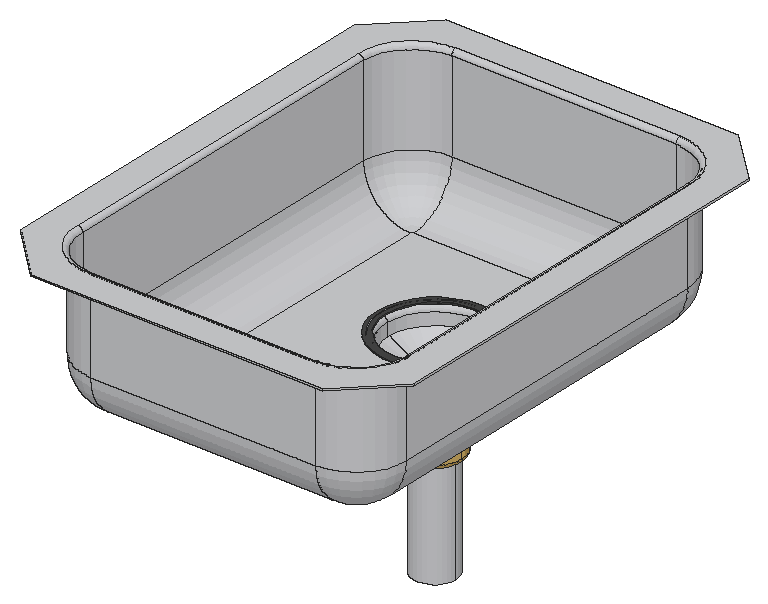
Revit family "Sink_Undermount_Stainless_Steel-Elkay-ELUHAD211555PD", category Plumbing Fixtures, host Face, Revit 2022
Family settings
  Host = Face
  Round Connector Dimension = Use Diameter
  Part Type = Normal
  OmniClass Number = 23.45.05.14.14
  OmniClass Title = Sinks/Lavatories
  Cut with Voids When Loaded = No
  Maintain Annotation Orientation = No
  Shared = No
  Room Calculation Point = No
Parameters (values of type "ELUHAD111655PD (Single Bowl Undermount Sink)")
  YL to CL ofDrain [instance] = 5.00"  # constant formula
  XL to CL of Drain [instance] = 5.75"  # constant formula
  Width of Sink [instance] = 18.50"
  Width of Bowl [instance] = (Width of Sink - Sink Ledge Back Side Width - Sink Ledge Front Side Width)  # 16.00"
  URL = "https://www.elkay.com/us/en.html"
  Sink Ledge Right Side Width [instance] = Sink Ledge Left Side Width  # 1.25"
  Sink Ledge Left Side Width [instance] = 1.25"
  Sink Ledge Front Side Width [instance] = Sink Ledge Back Side Width  # 1.25"
  Sink Ledge Back Side Width [instance] = 1.25"
  Sink Dimensions = "14 inch x 18 1/2 inch x 6 7/8 inch"
  Repair Parts URL = "https://www.elkayfiles.com/care-cleaning-install-warranty-sheets/1000005239.pdf"
  Radius 2 = 2.25"
  Radius = 1.75"
  Product data URL = "https://www.bimobject.com/en/elkay/product/eluhad111655pd"
  Product Weight (lbs) = 9.5955  # 10
  Product Page URL = "https://www.elkay.com/products/details/eluhad111655pd"
  Product Installation Sheet URL = "https://www.elkayfiles.com/care-cleaning-install-warranty-sheets/1000005239.pdf"
  Product Documentation Link = "https://www.elkayfiles.com/spec-sheets/eluhad111655pd_spec.pdf"
  Outlet Connection Size (inch) = 1.50"
  Number of Bowls = "1"
  Modified Data = ""
  Model = "ELUHAD111655PD"
  Manufacturer Brand = "Elkay(Elkay (by Zurn Elkay Water Solutions)"  # constant formula
  Manufacturer = "Elkay Manufacturer Company"  # constant formula
  Main Material = Finish-Elkay-Stainless Steel
  Length of Sink [instance] = 14.00"
  Length of Bowl [instance] = (Length of Sink - Sink Ledge Front Side Width - Sink Ledge Left Side Width)  # 11.50"
  Installation type = "Undermount"
  Undermount sink = 1.00"  # constant formula
  Gauge = "18"
  Drain Size = "3.5"
  Drain Location = "Rear Center"
  Description = "Lustertone Classic Stainless Steel 14 inch x 18 1/2 inch x 6 7/8 inch Single Bowl Undermount Sink"
  Depth of Sink [instance] = 6.88"
  Depth of Bowl [instance] = 5.38"
  Default Elevation = 48.00"
  Date Created = "08/14/2025"  # constant formula
  Cut width [instance] = (Width of Sink - 1.50")  # 17.00"
  Cut Length [instance] = (Length of Sink - 1.50")  # 12.50"
  Bowl 1 Dimensions = "11 1/2 inch x 16 inch x 5 3/8 inch"
  Assembly Code = "D2010410"
  Approx. Shipping Weight (lbs) = 15.2177  # 15
Reference planes (in)
  plane 1 "Center (Front/Back)": y = 0
  plane 2: z = 0
  plane 3 "Center (Left/Right)": x = 0
  plane 4: y = 8.5
  plane 5: y = -8.5
  plane 6: x = -6.25
  plane 7: x = 6.25
  plane 8: z = -1
  plane 9: x = -7
  plane 10: x = 7
  plane 11: y = 9.25
  plane 12: y = -9.25
  plane 13: y = 8
  plane 14: y = -8
  plane 15: x = -5.75
  plane 16: x = 5.75
  plane 17: y = 2.25
  plane 18: x = -5
Forms (in)
  Extrusion 1, void
    sketch origin (0, 0, 0) x (1, 0, 0) y (0, 1, 0)
      loop
        arc (-4, 8.5) -> (-5.59099, 7.84099) -> (-6.25, 6.25) r 2.25
        line (-6.25, 6.25) -> (-6.25, -6.25)
        arc (-6.25, -6.25) -> (-5.59099, -7.84099) -> (-4, -8.5) r 2.25
        line (-4, -8.5) -> (4, -8.5)
        arc (4, -8.5) -> (5.59099, -7.84099) -> (6.25, -6.25) r 2.25
        line (6.25, -6.25) -> (6.25, 6.25)
        arc (6.25, 6.25) -> (5.59099, 7.84099) -> (4, 8.5) r 2.25
        line (4, 8.5) -> (-4, 8.5)
    from -12.0015 to 0
Lines and regions (in)
  Masking region 1
    outline origin (0, 0, 0) x (1, 0, 0) y (0, 1, 0)
      loop
        line (-5.20711, 9.25) -> (-7, 7.45711) -> (-7, -7.45711) -> (-5.20711, -9.25) -> (5.20711, -9.25) -> (7, -7.45711) -> (7, 7.45711) -> (5.20711, 9.25) -> (-5.20711, 9.25)
  Masking region 2, detail levels fine
    outline origin (0, 0, 0) x (1, 0, 0) y (0, 1, 0)
      loop
        circle (0, 2.25) r 1.92
      loop
        arc (-4, 8) -> (-5.23744, 7.48744) -> (-5.75, 6.25) r 1.75
        line (-5.75, 6.25) -> (-5.75, -6.25)
        arc (-5.75, -6.25) -> (-5.23744, -7.48744) -> (-4, -8) r 1.75
        line (-4, -8) -> (4, -8)
        arc (4, -8) -> (5.23744, -7.48744) -> (5.75, -6.25) r 1.75
        line (5.75, -6.25) -> (5.75, 6.25)
        arc (5.75, 6.25) -> (5.23744, 7.48744) -> (4, 8) r 1.75
        line (4, 8) -> (-4, 8)
Dimensions and locks (in)
  equal spacing: plane 6, plane 3 "Center (Left/Right)", plane 7
  equal spacing: plane 4, plane 1 "Center (Front/Back)", plane 5
  "Cut width": plane 4 to plane 5
  "Cut Length": plane 6 to plane 7
  "Undermount sink": level to plane 8
  equal spacing: plane 11, plane 1 "Center (Front/Back)", plane 12
  "Width of Sink": plane 11 to plane 12
  "Length of Sink": plane 9 to plane 10
  equal spacing: plane 9, plane 3 "Center (Left/Right)", plane 10
  "Sink Ledge Back Side Width": plane 11 to plane 13
  "Sink Ledge Front Side Width": plane 14 to plane 12
  "Sink Ledge Left Side Width": plane 9 to plane 15
  "Sink Ledge Right Side Width": plane 16 to plane 10
  "XL to CL of Drain": plane 13 to plane 17
  "YL to CL ofDrain": plane 18 to plane 3 "Center (Left/Right)"
  locked: plane 8 to nested 2 at 12.6895
  plane 13 to plane 14 = 16.00"
  plane 15 to plane 16 = 11.50"
  "Radius 2": radius of Extrusion 1 sketch curve  (x4)
  "Radius": radius of Masking region 2 sketch curve  (x4)
  aligned and locked: plane 2 to host face
  aligned and locked: level to host face
  aligned and locked: plane 6 to Extrusion 1 sketch curve
  aligned and locked: plane 5 to Extrusion 1 sketch curve
  aligned and locked: Extrusion 1 sketch curve to plane 7
  aligned and locked: Extrusion 1 sketch curve to plane 4
  aligned and locked: plane 3 "Center (Left/Right)" to nested 1
  aligned and locked: plane 1 "Center (Front/Back)" to nested 1
  aligned and locked: plane 8 to nested 1
  aligned and locked: plane 12 to Masking region 1 sketch curve
  aligned and locked: plane 9 to Masking region 1 sketch curve
  aligned and locked: Masking region 1 sketch curve to plane 10
  aligned and locked: Masking region 1 sketch curve to plane 11
  aligned and locked: Masking region 1 sketch curve to nested 1  (x4)
  aligned and locked: plane 17 to Masking region 2 sketch curve
  aligned and locked: plane 3 "Center (Left/Right)" to Masking region 2 sketch curve
  aligned and locked: Masking region 2 sketch curve to plane 13
  aligned and locked: Masking region 2 sketch curve to plane 16
  aligned and locked: plane 14 to Masking region 2 sketch curve
  aligned and locked: plane 15 to Masking region 2 sketch curve
  aligned and locked: plane 3 "Center (Left/Right)" to nested 2
  aligned and locked: nested 2 to plane 17
Automatic sketch dimensions
  host sketch curve to host sketch curve = 96.00"  (x2)
  radius of Masking region 2 sketch curve = 1.92"
Nested families (in)
  nested 1: "ELUHAD111655PD" at (0, 0, -1), Length of Sink <- "Length of Sink", Width of Sink <- "Width of Sink", XLto CL of Drain <- "XL to CL of Drain", YL to CL of Drain <- "YL to CL ofDrain", Depth of Bowl <- "Depth of Bowl", Depth of Sink <- "Depth of Sink", type "ELUHAD111655PD"
    with YL to CL of Drain 5.00", XLto CL of Drain 5.75", Width of Sink 18.50", Width of Bowl 16.00", Sink Ledge Right Side Width 1.25", Sink Ledge Left Side Width 1.25", Sink Ledge Front Side Width 1.25", Sink Ledge Back Side Width 1.25", Main material Elkay_Stainless Steel, Length of Sink 14.00", Length of Bowl 11.50", Depth of Sink 6.88", Depth of Bowl 5.38"
  nested 2: "Perfect_Drain_Fitting-Elkay-LKPD1" at (0, 2.25, -13.6895), type "LKPD1 (304 Stainless Steel Body and Strainer)"
    with Main material Finish-Elkay_Stainless Steel
Connectors (in)
  piping at (0, 2.25, -13.6895), diameter 1.5, driven by "Outlet Connection Size (inch)"
    settings: on nested 2, index 2, connector inside diameter 24", connector length 0.00", flow factor 0, pipe flow 0 GPM, pressure drop 0.00 psi, fitting loss kfactor 0, connector angle 0.00°, fixture units 0, engagement length 0.00", angle of deflection 0.00°, flow configuration 0, flow direction 2, fitting loss method 0, system type 16, joint type 0, gender type 0, connector reference index -1, connector utility 0, adjustable connector no, is connector primary yes, connector description "Sanitary Outlet"
Definition of nested family "ELUHAD111655PD"
  Parameters (values of type "ELUH2115PD")
    YL to CL of Drain [instance] = 5.00"
    Width of Sink [instance] = 18.50"
    Width of Bowl [instance] = (Width of Sink - Sink Ledge Back Side Width - Sink Ledge Front Side Width)  # 16.00"
    Sink Ledge Right Side Width [instance] = Sink Ledge Left Side Width  # 1.25"
    Sink Ledge Left Side Width [instance] = 1.25"
    Sink Ledge Front Side Width [instance] = Sink Ledge Back Side Width  # 1.25"
    Sink Ledge Back Side Width [instance] = 1.25"
    Radius = 1.75"
    Main material [instance] = none
    Length of Sink [instance] = 14.00"
    Length of Bowl [instance] = (Length of Sink - Sink Ledge Front Side Width - Sink Ledge Left Side Width)  # 11.50"
    Depth of Sink [instance] = 6.88"
    Depth of Bowl [instance] = 5.38"
    Default Elevation = 0.00"
    XLto CL of Drain [instance] = 5.75"
  Reference planes (in)
    plane 1 "Center (Front/Back)": y = 0
    plane 2: z = 0
    plane 3 "Center (Left/Right)": x = 0
    plane 4: y = 8
    plane 5: y = -8
    plane 6: x = -7
    plane 7: x = 7
    plane 8: x = 5.75
    plane 9: y = 9.25
    plane 10: y = -9.25
    plane 11: z = -0.045
    plane 12: y = 2.25
    plane 13: z = -5.08
    plane 14: z = -5.38
    plane 15: x = -0.75
    plane 16: x = -5.75
    plane 17: z = -6.88
  Forms (in)
    Extrusion 1, void
      sketch origin (0, 0, 0) x (0, 1, 0) y (1, 0, 0)
        loop
          circle (2.25, 0) r 1.92
      from 5.38 to 5.08
    Extrusion 2, solid, material <- "Main material", detail levels fine
      sketch origin (0, 0, 0) x (1, 0, 0) y (0, 1, 0)
        loop
          line (-5.20711, 9.25) -> (-7, 7.45711) -> (-7, -7.45711) -> (-5.20711, -9.25) -> (5.20711, -9.25) -> (7, -7.45711) -> (7, 7.45711) -> (5.20711, 9.25) -> (-5.20711, 9.25)
        loop
          arc (-4, 8.21393) -> (-5.38871, 7.63871) -> (-5.96393, 6.25) r 1.96393
          line (-5.96393, 6.25) -> (-5.96393, -6.25)
          arc (-5.96393, -6.25) -> (-5.38871, -7.63871) -> (-4, -8.21393) r 1.96393
          line (-4, -8.21393) -> (4, -8.21393)
          arc (4, -8.21393) -> (5.38871, -7.63871) -> (5.96393, -6.25) r 1.96393
          line (5.96393, -6.25) -> (5.96393, 6.25)
          arc (5.96393, 6.25) -> (5.38871, 7.63871) -> (4, 8.21393) r 1.96393
          line (4, 8.21393) -> (-4, 8.21393)
      from -0.045 to 0
    Sweep 3, solid, material <- "Main material", detail levels fine
      path origin (0, 0, 0) x (1, 0, 0) y (0, 1, 0)
        loop
          arc (-4, 8) -> (-5.23744, 7.48744) -> (-5.75, 6.25) r 1.75
          line (-5.75, 6.25) -> (-5.75, -6.25)
          arc (-5.75, -6.25) -> (-5.23744, -7.48744) -> (-4, -8) r 1.75
          line (-4, -8) -> (4, -8)
          arc (4, -8) -> (5.23744, -7.48744) -> (5.75, -6.25) r 1.75
          line (5.75, -6.25) -> (5.75, 6.25)
          arc (5.75, 6.25) -> (5.23744, 7.48744) -> (4, 8) r 1.75
          line (4, 8) -> (-4, 8)
      profile origin (0, 8, 0) x (0, 1, 0) y (0, 0, 1)
        loop
          line (0, -0.17564) -> (0, -3.38)
          arc (0, -3.38) -> (-0.49792, -4.58208) -> (-1.7, -5.08) r 1.7
          line (-1.7, -5.08) -> (-1.734, -5.08) -> (-1.734, -5.13) -> (-1.7, -5.13)
          arc (-1.7, -5.13) -> (-0.46256, -4.61744) -> (0.05, -3.38) r 1.75
          line (0.05, -3.38) -> (0.05, -0.17281)
          arc (0.05, -0.17281) -> (0.08743, -0.08243) -> (0.17781, -0.045) r 0.12781
          line (0.17781, -0.045) -> (0.21393, -0.045) -> (0.21393, 0) -> (0.17564, 0)
          arc (0.17564, 0) -> (0.05144, -0.05144) -> (0, -0.17564) r 0.17564
    Extrusion 4, solid, material <- "Main material", detail levels fine
      sketch origin (0, 0, 0) x (1, 0, 0) y (0, 1, 0)
        loop
          line (-4.016, 6.266) -> (-4.016, -6.266) -> (4.016, -6.266) -> (4.016, 6.266) -> (-4.016, 6.266)
      from -5.08 to -5.13
    Blend 5, solid, material <- "Main material", detail levels fine
      base sketch origin (0, 0, 0) x (1, 0, 0) y (0, 1, 0)
        loop
          line (-4.016, 6.266) -> (-4.016, -6.266) -> (4.016, -6.266) -> (4.016, 6.266) -> (-4.016, 6.266)
      top sketch origin (0, 0, 0) x (1, 0, 0) y (0, 1, 0)
        loop
          circle (0, 2.25) r 2
      from -5.13 to -5.38
    Extrusion 6, solid, material <- "Main material", detail levels coarse+medium
      sketch origin (0, 0, 0) x (1, 0, 0) y (0, 1, 0)
        loop
          line (-5.20711, 9.25) -> (-7, 7.45711) -> (-7, -7.45711) -> (-5.20711, -9.25) -> (5.20711, -9.25) -> (7, -7.45711) -> (7, 7.45711) -> (5.20711, 9.25) -> (-5.20711, 9.25)
        loop
          arc (-4, 8) -> (-5.23744, 7.48744) -> (-5.75, 6.25) r 1.75
          line (-5.75, 6.25) -> (-5.75, -6.25)
          arc (-5.75, -6.25) -> (-5.23744, -7.48744) -> (-4, -8) r 1.75
          line (-4, -8) -> (4, -8)
          arc (4, -8) -> (5.23744, -7.48744) -> (5.75, -6.25) r 1.75
          line (5.75, -6.25) -> (5.75, 6.25)
          arc (5.75, 6.25) -> (5.23744, 7.48744) -> (4, 8) r 1.75
          line (4, 8) -> (-4, 8)
      from -5.38 to 0
    Extrusion 7, solid, material <- "Main material", detail levels coarse+medium
      sketch origin (0, 0, 0) x (1, 0, 0) y (0, 1, 0)
        loop
          line (-5.20711, 9.25) -> (-7, 7.45711) -> (-7, -7.45711) -> (-5.20711, -9.25) -> (5.20711, -9.25) -> (7, -7.45711) -> (7, 7.45711) -> (5.20711, 9.25) -> (-5.20711, 9.25)
        loop
          circle (0, 2.25) r 1.6875
      from -5.38 to -5.08
    Sweep 8, solid, material <- "Main material"
      path origin (0, 0, 0) x (1, 0, 0) y (0, 1, 0)
        loop
          circle (0, 2.25) r 1.6875
      profile origin (0, 3.9375, 0) x (0, -1, 0) y (0, 0, 1)
        loop
          line (-0.23294, -5.34585) -> (-0.30759, -5.34585) -> (-0.30759, -5.38) -> (-0.27294, -5.38) -> (-0.27294, -6.41991)
          arc (-0.27294, -6.41991) -> (-0.27245, -6.44843) -> (-0.26367, -6.47558) r 0.09702
          arc (-0.26367, -6.47558) -> (-0.20711, -6.55065) -> (-0.24268, -6.63765) r 0.09509
          arc (-0.24268, -6.63765) -> (-0.2484, -6.71438) -> (-0.19042, -6.76496) r 0.08599
          arc (-0.19042, -6.76496) -> (-0.15986, -6.77039) -> (-0.13017, -6.77946) r 0.25659
          arc (-0.13017, -6.77946) -> (-0.08359, -6.82671) -> (-0.04408, -6.88) r 0.47296
          line (-0.04408, -6.88) -> (0, -6.88)
          arc (0, -6.88) -> (-0.04964, -6.80862) -> (-0.11067, -6.74669) r 0.51055
          arc (-0.11067, -6.74669) -> (-0.14613, -6.73501) -> (-0.18279, -6.72791) r 0.29496
          arc (-0.18279, -6.72791) -> (-0.21114, -6.70434) -> (-0.21412, -6.6676) r 0.04755
          arc (-0.21412, -6.6676) -> (-0.16654, -6.58319) -> (-0.18701, -6.48848) r 0.1364
          arc (-0.18701, -6.48848) -> (-0.22335, -6.4652) -> (-0.23294, -6.42312) r 0.05698
          line (-0.23294, -6.42312) -> (-0.23294, -5.34585)
  Cuts and joins
    Extrusion 1 cuts Extrusion 4
    joined: Extrusion 2, Sweep 3, Extrusion 4
    joined: Extrusion 6, Extrusion 7
    Extrusion 1 cuts Blend 5
  Dimensions and locks (in)
    "Length of Sink": plane 6 to plane 7
    equal spacing: plane 6, plane 3 "Center (Left/Right)", plane 7
    equal spacing: plane 4, plane 1 "Center (Front/Back)", plane 5
    equal spacing: plane 9, plane 1 "Center (Front/Back)", plane 10
    "Width of Sink": plane 9 to plane 10
    locked: plane 8 to plane 7 at 1.25
    "Sink Ledge Back Side Width": plane 9 to plane 4
    plane 5 to plane 10 = 1.25"
    locked: level to plane 11 at 0.045
    "XLto CL of Drain": plane 4 to plane 12
    locked: Extrusion 2 sketch curve to Extrusion 2 sketch curve at 2.53553  (x4)
    level to plane 11 = 0.045"
    locked: Extrusion 4 to Extrusion 4 at 0.05
    locked: plane 13 to plane 14 at 0.3
    plane 6 to plane 16 = 1.25"
    "Sink Ledge Left Side Width": plane 6 to plane 16
    "YL to CL of Drain": plane 16 to plane 15
    "Depth of Sink": level to plane 17
    locked: Sweep 8 sketch curve to Sweep 8 sketch curve at 0.04
    "Depth of Bowl": level to plane 14
    plane 16 to plane 3 "Center (Left/Right)" = 5.75"
    "Radius": radius of Extrusion 6 sketch curve  (x4)
    aligned and locked: plane 2 to level
    aligned and locked: Extrusion 2 sketch curve to plane 9
    aligned and locked: plane 6 to Extrusion 2 sketch curve
    aligned and locked: plane 10 to Extrusion 2 sketch curve
    aligned and locked: Extrusion 2 sketch curve to plane 7
    aligned and locked: level to Extrusion 2
    aligned and locked: Extrusion 2 to plane 11
    aligned and locked: plane 5 to Sweep 3 sketch curve
    aligned and locked: Sweep 3 sketch curve to plane 4
    aligned and locked: Sweep 3 sketch curve to plane 8
    aligned and locked: plane 4 to Sweep 3 sketch curve
    aligned and locked: Sweep 3 sketch curve to plane 13
    aligned and locked: Sweep 3 sketch curve to profile plane
    aligned and locked: Sweep 3 sketch curve to plane 11
    aligned and locked: Extrusion 2 sketch curve to Sweep 3
    aligned and locked: Blend 5 sketch curve to Extrusion 4  (x4)
    aligned and locked: plane 13 to Extrusion 4
    aligned and locked: Blend 5 to Extrusion 4
    aligned and locked: Blend 5 to plane 14
    aligned and locked: plane 12 to Extrusion 1 sketch curve
    aligned and locked: plane 12 to Blend 5 sketch curve
    aligned and locked: Extrusion 1 to plane 13
    aligned and locked: Extrusion 1 to plane 14
    aligned and locked: plane 10 to Extrusion 6 sketch curve
    aligned and locked: plane 6 to Extrusion 6 sketch curve
    aligned and locked: Extrusion 6 sketch curve to plane 9
    aligned and locked: Extrusion 6 sketch curve to plane 7
    aligned and locked: plane 5 to Extrusion 6 sketch curve
    aligned and locked: plane 16 to Extrusion 6 sketch curve
    aligned and locked: Extrusion 6 sketch curve to plane 4
    aligned and locked: Extrusion 6 sketch curve to plane 8
    aligned and locked: level to Extrusion 6
    aligned and locked: Extrusion 6 to plane 14
    aligned and locked: plane 6 to Extrusion 7 sketch curve
    aligned and locked: plane 10 to Extrusion 7 sketch curve
    aligned and locked: Extrusion 7 sketch curve to plane 7
    aligned and locked: Extrusion 7 sketch curve to plane 9
    aligned and locked: Extrusion 7 sketch curve to Extrusion 6  (x4)
    aligned and locked: plane 14 to Extrusion 7
    aligned and locked: plane 13 to Extrusion 7
    aligned and locked: plane 12 to Extrusion 7 sketch curve
    aligned and locked: plane 17 to Sweep 8 sketch curve
    aligned and locked: Sweep 8 sketch curve to plane 14
    aligned and locked: plane 3 "Center (Left/Right)" to Extrusion 1 sketch curve
    aligned and locked: plane 3 "Center (Left/Right)" to Blend 5 sketch curve
    aligned and locked: plane 3 "Center (Left/Right)" to Extrusion 7 sketch curve
  Automatic sketch dimensions
    Sweep 3 sketch curve to Sweep 3 sketch curve = 0.00"  (x2)
    Sweep 3 sketch curve to Sweep 3 sketch curve = 1.70"
    Sweep 3 sketch curve to Sweep 3 sketch curve = 0.034"
    Sweep 3 sketch curve to profile plane = 0.05"
    Sweep 3 sketch curve to Sweep 3 sketch curve = 0.12564"
    Sweep 3 sketch curve to Sweep 3 sketch curve = 0.00217"
    Sweep 3 sketch curve to Sweep 3 sketch curve = 0.03611"
    plane 4 to Extrusion 2 sketch curve = 0.21393"
    Extrusion 2 sketch curve to Extrusion 2 sketch curve = 1.20711"  (x2)
    Extrusion 2 sketch curve to plane 8 = 1.75"  (x2)
    Extrusion 2 sketch curve to plane 8 = 0.54289"
    plane 8 to Extrusion 2 sketch curve = 0.21393"
    Extrusion 2 sketch curve to plane 4 = 0.54289"
    Sweep 3 sketch curve to Sweep 3 sketch curve = 1.75"  (x2)
    Sweep 3 sketch curve to plane 4 = 1.75"
    Sweep 3 sketch curve to plane 8 = 1.75"
    plane 6 to Extrusion 2 sketch curve = 1.79289"
    plane 6 to Sweep 3 sketch curve = 3.00"
    plane 6 to Extrusion 4 sketch curve = 2.984"
    Extrusion 4 sketch curve to plane 8 = 1.734"
    plane 5 to Extrusion 4 sketch curve = 1.734"
    Extrusion 4 sketch curve to plane 4 = 1.734"
    Sweep 8 sketch curve to plane 3 "Center (Left/Right)" = 0.00"
    Sweep 8 sketch curve to plane 12 = 0.00"
    Sweep 8 sketch curve to Sweep 8 sketch curve = 0.04408"
    profile plane to Sweep 8 sketch curve = 0.16885"
    Sweep 8 sketch curve to Sweep 8 sketch curve = 0.00009"  (x2)
    profile plane to Sweep 8 sketch curve = 0.17673"
    Sweep 8 sketch curve to Sweep 8 sketch curve = 0.00001"
    profile plane to Sweep 8 sketch curve = 0.2199"
    Sweep 8 sketch curve to Sweep 8 sketch curve = 0.00059"
    profile plane to Sweep 8 sketch curve = 0.23294"
    Sweep 8 sketch curve to Sweep 8 sketch curve = 0.02846"
    Sweep 8 sketch curve to Sweep 8 sketch curve = 0.00002"
    Sweep 8 sketch curve to Sweep 8 sketch curve = 0.03465"
    Sweep 8 sketch curve to Sweep 8 sketch curve = 0.22197"
    Sweep 8 sketch curve to Sweep 8 sketch curve = 0.00037"
    Sweep 8 sketch curve to Sweep 8 sketch curve = 0.00039"
    Sweep 8 sketch curve to Sweep 8 sketch curve = 0.11429"
    Sweep 8 sketch curve to Sweep 8 sketch curve = 0.0006"
    Sweep 8 sketch curve to Sweep 8 sketch curve = 0.13985"
    Sweep 8 sketch curve to Sweep 8 sketch curve = 0.19758"
    Sweep 8 sketch curve to Sweep 8 sketch curve = 0.0007"
    Sweep 8 sketch curve to Sweep 8 sketch curve = 0.11886"
    Sweep 8 sketch curve to Sweep 8 sketch curve = 0.13027"
    Sweep 8 sketch curve to Sweep 8 sketch curve = 0.00007"
    Sweep 8 sketch curve to Sweep 8 sketch curve = 0.00932"
    Sweep 8 sketch curve to Sweep 8 sketch curve = 0.00321"
    Sweep 8 sketch curve to Sweep 8 sketch curve = 0.03415"
    Sweep 8 sketch curve to Sweep 8 sketch curve = 0.05827"
    Sweep 8 sketch curve to Sweep 8 sketch curve = 0.0195"
    Sweep 8 sketch curve to Sweep 8 sketch curve = 0.01385"
    Sweep 8 sketch curve to Sweep 8 sketch curve = 0.01027"
    Sweep 8 sketch curve to Sweep 8 sketch curve = 0.00763"
    Sweep 8 sketch curve to Sweep 8 sketch curve = 0.02856"
    Sweep 8 sketch curve to profile plane = 0.00"
    plane 16 to Extrusion 6 sketch curve = 0.54289"  (x2)
    Extrusion 6 sketch curve to plane 8 = 0.54289"  (x2)
    plane 5 to Extrusion 6 sketch curve = 0.54289"  (x2)
    Extrusion 6 sketch curve to plane 4 = 0.54289"  (x2)
    radius of Extrusion 7 sketch curve = 1.6875"
    radius of Sweep 8 sketch curve = 1.6875"
    radius of Blend 5 sketch curve = 2.00"
    radius of Extrusion 1 sketch curve = 1.92"
Definition of nested family "Perfect_Drain_Fitting-Elkay-LKPD1"
  Parameters (values of type "LKPD1 (304 Stainless Steel Body and Strainer)")
    URL = "https://www.elkay.com/us/en.html"
    Repair Parts URL = "https://www.elkayfiles.com/care-cleaning-install-warranty-sheets/74180340-usa_drain.pdf"
    Product data URL = ""
    Product Page URL = "https://www.elkay.com/products/details/LKPD1"
    Product Installation Sheet URL = "https://www.elkayfiles.com/care-cleaning-install-warranty-sheets/74180340-usa_drain.pdf"
    Product Documentation Link = "https://www.elkayfiles.com/spec-sheets/lkpd1_spec.pdf"
    Modified Date = ""
    Model = "LKPD1"
    Manufacturer Brand = "Elkay (by Zurn Elkay Water Solutions)"  # constant formula
    Manufacturer = "Elkay Manufacturer Company"  # constant formula
    Main material [instance] = none
    Dia [instance] = 4.17221"
    Description = "Perfect Drain® Fitting Type 304 Stainless Steel Body and Strainer"
    Depth = 7.5625"
    Default Elevation = 0.00"
    Date Created = ""
  Reference planes (in)
    plane 1 "Center (Front/Back)": y = 0
    plane 2: z = 0
    plane 3 "Center (Left/Right)": x = 0
    plane 4: z = 7.5625
    plane 5: z = -9.08324
    plane 6: x = -2.0861
    plane 7: x = 2.0861
    plane 8: x = -1.75736
    plane 9: x = 1.75736
    plane 10: z = 5.54283
    plane 11: z = 5.44441
    plane 12: z = 5.20818
    plane 13: z = 3.79107
    plane 14: x = -0.75
    plane 15: z = 7.6095
    plane 16: z = 6.93652
    plane 17: z = 6.89597
    plane 18: through (-1.61968, -180, 6.89597) normal (0.4848, 0, 0.8746)
    plane 19: x = -1.61968
    plane 20: z = 6.17194
    plane 21: z = 6.21316
  Forms (in)
    Revolve 1, solid, material <- "Main material"
      sketch origin (0, 0, 0) x (1, 0, 0) y (0, 0, 1)
        loop
          line (-0.7, 0) -> (-0.7, 3.84107) -> (-0.81385, 3.84107)
          arc (-0.81385, 3.84107) -> (-0.87653, 3.86703) -> (-0.90249, 3.92971) r 0.08864
          line (-0.90249, 3.92971) -> (-0.90249, 5.25818) -> (-1.10045, 5.25818) -> (-1.10045, 5.49441) -> (-1.33653, 5.49441) -> (-1.33653, 5.59283) -> (-1.42433, 5.59283)
          arc (-1.42433, 5.59283) -> (-1.62446, 5.67573) -> (-1.70736, 5.87586) r 0.28304
          line (-1.70736, 5.87586) -> (-1.70736, 7.33171)
          arc (-1.70736, 7.33171) -> (-1.77496, 7.4949) -> (-1.93815, 7.5625) r 0.23079
          line (-1.93815, 7.5625) -> (-2.0861, 7.5625) -> (-2.0861, 7.5292) -> (-1.9564, 7.5292)
          arc (-1.9564, 7.5292) -> (-1.81566, 7.47091) -> (-1.75736, 7.33016) r 0.19904
          line (-1.75736, 7.33016) -> (-1.75736, 5.87586)
          arc (-1.75736, 5.87586) -> (-1.65982, 5.64037) -> (-1.42433, 5.54283) r 0.33304
          line (-1.42433, 5.54283) -> (-1.38653, 5.54283) -> (-1.38653, 5.4828)
          arc (-1.38653, 5.4828) -> (-1.37529, 5.45565) -> (-1.34814, 5.44441) r 0.0384
          line (-1.34814, 5.44441) -> (-1.15045, 5.44441) -> (-1.15045, 5.24845)
          arc (-1.15045, 5.24845) -> (-1.13865, 5.21997) -> (-1.11017, 5.20818) r 0.04027
          line (-1.11017, 5.20818) -> (-0.95092, 5.20818) -> (-0.95092, 4.32782) -> (-0.91738, 4.32782) -> (-0.91738, 4.28364) -> (-0.97575, 4.28364) -> (-0.97575, 3.92971)
          arc (-0.97575, 3.92971) -> (-0.93515, 3.83168) -> (-0.83712, 3.79107) r 0.13864
          line (-0.83712, 3.79107) -> (-0.75, 3.79107) -> (-0.75, 0) -> (-0.7, 0)
        axis (0, 0) -> (0, 7.5625)
      angle from 0 to 360
    Revolve 2, solid, material <- "Main material", detail levels fine
      sketch origin (0, 0, 0) x (1, 0, 0) y (0, 0, 1)
        loop
          line (-1.61968, 6.89597) -> (-0.34889, 6.19156)
          arc (-0.34889, 6.19156) -> (-0.3122, 6.17692) -> (-0.27301, 6.17194) r 0.15651
          line (-0.27301, 6.17194) -> (0, 6.17194) -> (0, 6.21316) -> (-0.29659, 6.21316)
          arc (-0.29659, 6.21316) -> (-0.31411, 6.21539) -> (-0.33052, 6.22193) r 0.07
          line (-0.33052, 6.22193) -> (-1.61968, 6.93652) -> (-1.61968, 6.89597)
        axis (0, 6.17194) -> (0, 6.93652)
      angle from 0 to 360
    Revolve 3, solid, detail levels fine
      sketch origin (0, 0, 0) x (1, 0, 0) y (0, 0, 1)
        loop
          arc (0, 7.03889) -> (-0.12194, 7.03403) -> (-0.24166, 7.01042) r 0.78851
          arc (-0.24166, 7.01042) -> (-0.30696, 6.93841) -> (-0.27023, 6.8484) r 0.09121
          line (-0.27023, 6.8484) -> (-0.21281, 6.8225) -> (-0.183, 6.25372) -> (-0.28341, 6.21316) -> (0, 6.21316) -> (0, 7.03889)
        axis (0, 6.21316) -> (0, 7.03889)
      angle from 0 to 360
    Extrusion 4, solid
      sketch origin (0, 0, 0) x (1, 0, 0) y (0, 1, 0)
        loop
          circle (0, 0) r 2.04192
        loop
          circle (0, 0) r 1.75
      from 7.5625 to 7.6095
  Lines and regions (in)
    Masking region 1
      outline origin (0, 0, 0) x (1, 0, 0) y (0, 1, 0)
        loop
          circle (0, 0) r 2.0861
    Masking region 2, detail levels fine
      outline origin (0, 0, 0) x (1, 0, 0) y (0, 1, 0)
        loop
          circle (0, 0) r 0.28341
        loop
          circle (0, 0) r 1.6356
  Dimensions and locks (in)
    "Depth": plane 4 to level
    plane 7 to plane 6 = 4.17221"
    equal spacing: plane 7, plane 3 "Center (Left/Right)", plane 6, locked at 2.0861 each
    "Dia": plane 7 to plane 6
    plane 6 to plane 7 = 4.17221"
    locked: Revolve 3 to Revolve 2 sketch curve at 0.04122
    locked: Revolve 3 sketch curve to Revolve 3 sketch curve at 0.82629
    locked: Revolve 3 sketch curve to plane 20 at 0.04122
    aligned and locked: plane 2 to level
    aligned and locked: level to Revolve 1 sketch curve
    aligned and locked: plane 14 to Revolve 1 sketch curve
    aligned and locked: plane 13 to Revolve 1 sketch curve
    aligned and locked: plane 8 to Revolve 1 sketch curve
    aligned and locked: plane 4 to Revolve 1 sketch curve
    aligned and locked: Revolve 1 sketch curve to plane 6
    aligned and locked: plane 3 "Center (Left/Right)" to Revolve 1 sketch curve
    aligned and locked: Revolve 2 sketch curve to plane 18
    aligned and locked: Revolve 2 sketch curve to plane 19
    aligned and locked: plane 3 "Center (Left/Right)" to Revolve 2 sketch curve  (x2)
    aligned and locked: plane 3 "Center (Left/Right)" to Revolve 3 sketch curve
    aligned and locked: plane 1 "Center (Front/Back)" to Extrusion 4 sketch curve  (x2)
    aligned and locked: plane 3 "Center (Left/Right)" to Extrusion 4 sketch curve  (x2)
    aligned and locked: Extrusion 4 to plane 15
    aligned and locked: Extrusion 4 to plane 4
    aligned and locked: plane 1 "Center (Front/Back)" to Masking region 1 sketch curve
    aligned and locked: plane 3 "Center (Left/Right)" to Masking region 1 sketch curve
    aligned and locked: plane 1 "Center (Front/Back)" to Masking region 2 sketch curve  (x2)
    aligned and locked: plane 3 "Center (Left/Right)" to Masking region 2 sketch curve  (x2)
    aligned and locked: plane 21 to Revolve 2 sketch curve
  Automatic sketch dimensions
    Revolve 2 sketch curve to Revolve 2 sketch curve = 0.01837"
    Revolve 2 sketch curve to Revolve 2 sketch curve = 0.03394"
    Revolve 2 sketch curve to Revolve 2 sketch curve = 0.02358"
    Revolve 2 sketch curve to Revolve 2 sketch curve = 0.01962"
    Revolve 2 sketch curve to Revolve 2 sketch curve = 0.00878"
    plane 16 to Revolve 2 sketch curve = 0.00"
    Revolve 2 sketch curve to Revolve 2 sketch curve = 0.09757"
    Revolve 2 sketch curve to Revolve 2 sketch curve = 0.1367"
    Revolve 3 sketch curve to plane 3 "Center (Left/Right)" = 0.00"
    Revolve 3 sketch curve to plane 3 "Center (Left/Right)" = 0.02968"
    Revolve 3 sketch curve to Revolve 3 sketch curve = 0.15332"
    Revolve 3 sketch curve to plane 17 = 0.07348"
    Revolve 3 sketch curve to plane 3 "Center (Left/Right)" = 0.21281"
    Revolve 3 sketch curve to plane 16 = 0.01396"
    Revolve 3 sketch curve to Revolve 3 sketch curve = 0.00433"
    Revolve 3 sketch curve to plane 17 = 0.04757"
    Revolve 3 sketch curve to Revolve 3 sketch curve = 0.05742"
    Revolve 3 sketch curve to Revolve 3 sketch curve = 0.10041"
    Revolve 3 sketch curve to Revolve 3 sketch curve = 0.04057"
    Revolve 3 sketch curve to Revolve 3 sketch curve = 0.03779"
    Revolve 3 sketch curve to Revolve 3 sketch curve = 0.26942"
    Revolve 3 sketch curve to Revolve 3 sketch curve = 0.05735"
    Revolve 1 sketch curve to Revolve 1 sketch curve = 0.00"  (x2)
    Revolve 1 sketch curve to plane 10 = 0.00"
    Revolve 1 sketch curve to plane 11 = 0.00"
    Revolve 1 sketch curve to plane 12 = 0.00"
    plane 6 to Revolve 1 sketch curve = 0.1297"
    Revolve 1 sketch curve to Revolve 1 sketch curve = 0.01825"
    Revolve 1 sketch curve to Revolve 1 sketch curve = 0.05"  (x4)
    plane 19 to Revolve 1 sketch curve = 0.19536"
    plane 11 to Revolve 1 sketch curve = 0.0384"
    Revolve 1 sketch curve to Revolve 1 sketch curve = 0.03779"
    Revolve 1 sketch curve to Revolve 1 sketch curve = 0.18609"
    Revolve 1 sketch curve to Revolve 1 sketch curve = 0.04027"
    Revolve 1 sketch curve to plane 14 = 0.22575"
    Revolve 1 sketch curve to Revolve 1 sketch curve = 0.14953"
    Revolve 1 sketch curve to Revolve 1 sketch curve = 0.03354"
    Revolve 1 sketch curve to Revolve 1 sketch curve = 0.07326"
    Revolve 1 sketch curve to plane 14 = 0.08712"
    Revolve 1 sketch curve to Revolve 1 sketch curve = 0.02326"
    plane 13 to Revolve 1 sketch curve = 0.05"
    Revolve 1 sketch curve to Revolve 1 sketch curve = 0.35393"
    plane 12 to Revolve 1 sketch curve = 0.05"
    Revolve 1 sketch curve to plane 10 = 0.04842"
    Revolve 1 sketch curve to Revolve 1 sketch curve = 0.00155"
    plane 5 to Revolve 1 sketch curve = 3.90438"
    Revolve 1 sketch curve to plane 13 = 0.46993"
    Revolve 1 sketch curve to Revolve 1 sketch curve = 0.04418"
    radius of Extrusion 4 sketch curve = 2.04192"
    radius of Extrusion 4 sketch curve = 1.75"
    radius of Masking region 1 sketch curve = 2.0861"
    radius of Masking region 2 sketch curve = 0.28341"
    radius of Masking region 2 sketch curve = 1.6356"
